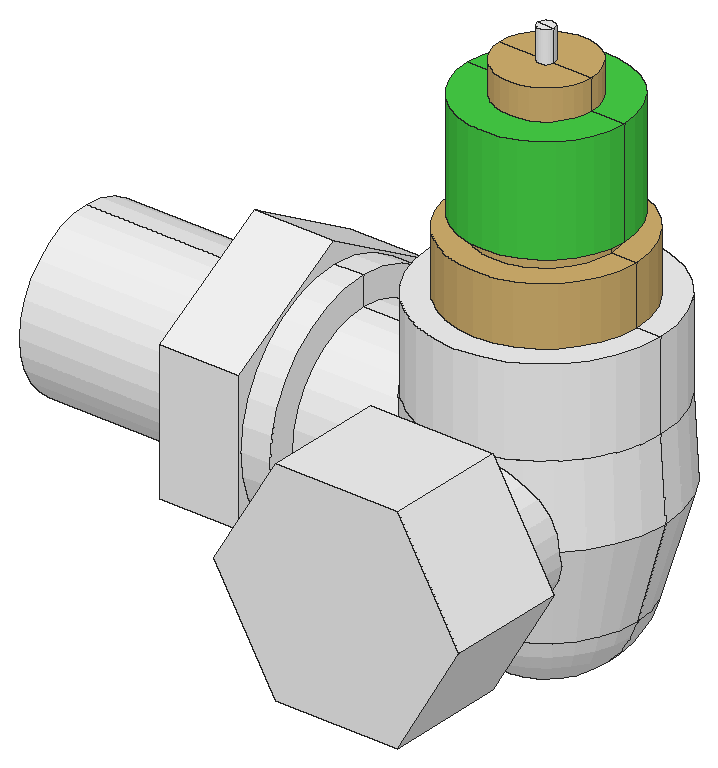
Revit family "RA-DV_Double Angle_Right_DN10-15_RFA", category Pipe Accessories, Revit 2019
Family settings
  Round Connector Dimension = Use Diameter
  Part Type = Valve - Breaks Into
  OmniClass Number = 23.65.55.14.17
  OmniClass Title = Adjusting/Controlling Valves for Liquid Services
  Work Plane-Based = No
  Always vertical = Yes
  Cut with Voids When Loaded = No
  Shared = No
Parameters (values of type "RA-DV_Double Angle_Right_DN15_013G7719")
  Weight = 0.33 kg
  W [instance] = 50.3 mm
  Valve Body Material = Danfoss Nickel Plated Brass
  URL = "https://store.danfoss.com/en/Climate-Solutions-for-heating/Radiator-Thermostats/Radiator-Valves/Build-on-valves/Dynamic-Valves/c/13865?q=%3Arelevance%3Adanfoss_producttypehierarchydesc%3ARA-DV%3Adanfoss_a223339155%3AA223_339155e8a4b9257411af40f22b1cba9d507f15"
  TH8 = 3.85 mm
  TH7 = 3.75 mm
  TH6 = 13.324 mm
  TH5 = 1.826 mm
  TH4 = 7.354 mm
  TH3 = 6.008 mm
  TH2 = 5 mm
  TH1 = 9.942 mm
  Setting Range = "1-7,N"  # constant formula
  SA2 = LR1 + LR2  # 33 mm
  SA1 = LL1 + LL2 + LL3  # 36.7 mm
  RT5 = 14.5 mm
  RT1 = 15.024 mm
  RR5 = 8.25 mm
  RR4 = 11.425 mm
  RR1 = 10.3 mm
  RL4 = 10.5 mm
  RL2 = 14.8 mm
  RL1 = 11.3 mm
  RB2 = 12.006 mm
  RB1 = 11.5 mm
  Pressure Drop [instance] = 0.0 Pa
  Model Type = "RA-DV_Double Angle_Right_DN15"
  Model = "013G7719"
  Min Medium Temperature = "2 °C"  # constant formula
  Min Differential Pressure = "0.1 bar"  # constant formula
  Max Operating Pressure = "10 bar"  # constant formula
  Max Medium Temperature = "95 °C"  # constant formula
  Max Flow (Text) = "135 l/h"  # constant formula
  Max Differential Pressure = "0.6 bar"  # constant formula
  Manufacturer = "Danfoss"  # constant formula
  LR2 = 15 mm
  LR1 = 18 mm
  LOD 350 = not(LOD 200)  # yes
  LOD 200 = no
  LL4 = 21.2 mm
  LL3 = 10 mm
  LL2 = 3.7 mm
  LL1 = 23 mm
  L [instance] = 72.924 mm
  IfcExportType = "RA-DV"  # constant formula
  IfcExportAs = "IfcValveType"  # constant formula
  HexR2 = 15.4 mm
  HexR1 = 17.3 mm
  Hex2 = 26.7 mm
  Hex = 30 mm
  HT = TH1 + TH2 + TH3 + TH4 + TH5  # 30.13 mm
  H [instance] = 72.058 mm
  Flow [instance] = 0.0 L/s
  Description = "Thermostatic Radiator Valve"  # constant formula
  D = 15 mm
  BH2 = 8.731 mm
  BH1 = 12.273 mm
  Application = "2-Pipe System"  # constant formula
Types (3, lengths in mm): name | Weight | W | SA2 | SA1 | RL4 | RL2 | RL1 | Model Type | Model | LR2 | LR1 | LL4 | LL3 | LL2 | LL1 | L | HexR2 | HexR1 | Hex2 | Hex | D
  (no name) | 0.33 kg | 50.3 | 33 | 36.7 | 10.5 | 14.8 | 11.3 | "RA-DV_Double Angle_Right_DN15" | "013G7719" | 15 | 18 | 21.2 | 10 | 3.7 | 23 | 72.924 | 15.4 | 17.3 | 26.7 | 30 | 15
  RA-DV_Double Angle_Right_DN10_013G7717 | 0.28 kg | 42.6 | 27 | 33.3 | 8.3 | 13.2 | 9.75 | "RA-DV_Double Angle_Right_DN10" | "013G7717" | 11.033 | 15.967 | 18.8 | 8.5 | 3.6 | 21.2 | 67.124 | 12.6 | 15.6 | 21.7 | 27 | 10
  RA-DV_Double Angle_Right_DN15_013G7719 | 0.33 kg | 50.3 | 33 | 36.7 | 10.5 | 14.8 | 11.3 | "RA-DV_Double Angle_Right_DN15" | "013G7719" | 15 | 18 | 21.2 | 10 | 3.7 | 23 | 72.924 | 15.4 | 17.3 | 26.7 | 30 | 15
Reference planes
  plane 1 "Center (Front/Back)": y = 0
  plane 2: z = 0
  plane 3 "Center (Left/Right)": x = 0
  plane 4: x = -57.9
  plane 5: x = 9.194
  plane 6: y = 8.994
  plane 7: y = -33
  plane 8: z = 51.054
  plane 9: z = -21.004
  plane 10: x = -36.7
  plane 11 "left": x = -26.7
  plane 12: x = -23
  plane 13 "right": y = -18
  plane 14: z = 47.204
  plane 15: z = 43.454
  plane 16: z = 30.13
  plane 17: z = 28.304
  plane 18 "top": z = 20.95
  plane 19: z = 14.942
  plane 20: z = 9.942
  plane 21: z = -12.273
  plane 22: y = 17.3
  plane 23: x = 15.024
Forms (mm)
  Revolve 1, solid, material "Danfoss Nickel Plated Brass" <- "Valve Body Material", detail levels fine
    sketch origin (0, 0, 0) x (1, 0, 0) y (0, 0, 1)
      loop
        line (-57.9, 10.5) -> (-57.9, 0) -> (-26.7, 0) -> (-26.7, 10.5) -> (-57.9, 10.5)
      axis (-26.7, 0) -> (-57.9, 0)
    angle from 0 to 360
  Revolve 2, solid, material "Danfoss Nickel Plated Brass" <- "Valve Body Material", visible <- "LOD 350", detail levels fine
    sketch origin (0, 0, 0) x (1, 0, 0) y (0, 0, 1)
      loop
        line (-26.7, 14.8) -> (-26.7, 0) -> (-23, 0) -> (-23, 14.8) -> (-26.7, 14.8)
      axis (-23, 0) -> (-26.7, 0)
    angle from 0 to 360
  Revolve 3, solid, material "Danfoss Nickel Plated Brass" <- "Valve Body Material", visible <- "LOD 200", detail levels fine
    sketch origin (0, 0, 0) x (1, 0, 0) y (0, 0, 1)
      loop
        line (-36.7, 17.3) -> (-36.7, 0) -> (-26.7, 0) -> (-26.7, 17.3) -> (-36.7, 17.3)
      axis (-26.7, 0) -> (-36.7, 0)
    angle from 0 to 360
  Revolve 4, solid, material "Danfoss Nickel Plated Brass" <- "Valve Body Material", detail levels fine
    sketch origin (0, 0, 0) x (1, 0, 0) y (0, 0, 1)
      loop
        line (-26.7, 0) -> (0, 0) -> (0, 11.3) -> (-26.7, 11.3) -> (-26.7, 0)
      axis (0, 0) -> (-26.7, 0)
    angle from 0 to 360
  Revolve 5, solid, material "Danfoss Nickel Plated Brass" <- "Valve Body Material", visible <- "LOD 350", detail levels fine
    sketch origin (0, 0, 0) x (1, 0, 0) y (0, 0, 1)
      loop
        line (0, 20.95) -> (0, -21.004)
        arc (0, -21.004) -> (7.209, -18.561) -> (11.5, -12.273) r 12.006
        line (11.5, -12.273) -> (15.024, 0) -> (14.5, 10) -> (14.5, 20.95) -> (0, 20.95)
      axis (0, -21.004) -> (0, 20.95)
    angle from 0 to 360
  Revolve 6, solid, material "Danfoss Nickel Plated Brass" <- "Valve Body Material", detail levels fine
    sketch origin (0, 0, 0) x (0, 1, 0) y (0, 0, 1)
      loop
        line (0, 10.3) -> (-18, 10.3) -> (-18, 0) -> (0, 0) -> (0, 10.3)
      axis (0, 0) -> (-18, 0)
    angle from 0 to 360
  Revolve 7, solid, material "Danfoss Nickel Plated Brass" <- "Valve Body Material", visible <- "LOD 200", detail levels fine
    sketch origin (0, 0, 0) x (0, 1, 0) y (0, 0, 1)
      loop
        line (-18, 15.4) -> (-33, 15.4) -> (-33, 0) -> (-18, 0) -> (-18, 15.4)
      axis (-18, 0) -> (-33, 0)
    angle from 0 to 360
  Revolve 8, solid, material "Danfoss Brass", visible <- "LOD 350", detail levels fine
    sketch origin (0, 0, 0) x (1, 0, 0) y (0, 0, 1)
      loop
        line (0, 20.95) -> (11.425, 20.95) -> (11.425, 28.304) -> (8.25, 28.304) -> (8.25, 30.13) -> (0, 30.13) -> (0, 20.95)
      axis (0, 20.95) -> (0, 30.13)
    angle from 0 to 360
  Extrusion 9, solid, material "Danfoss Nickel Plated Brass" <- "Valve Body Material", visible <- "LOD 350", detail levels fine
    sketch origin (0, 0, 0) x (1, 0, 0) y (0, 0, 1)
      loop
        line (0, 0) -> (-26.7, 0) -> (-26.7, -0.957) -> (-10.199, -17.458)
        arc (-10.199, -17.458) -> (-6.04, -20.166) -> (-1.141, -20.959) r 12
        line (-1.141, -20.959) -> (0, -20.959) -> (0, 0)
    from -2 to 2
  Revolve 10, solid, material "Danfoss Nickel Plated Brass" <- "Valve Body Material", visible <- "LOD 200", detail levels fine
    sketch origin (0, 0, 0) x (1, 0, 0) y (0, 0, 1)
      loop
        line (0, 20.95) -> (0, -21.004)
        arc (0, -21.004) -> (10.624, -16.604) -> (15.024, -5.98) r 15.024
        line (15.024, -5.98) -> (15.024, 20.95) -> (0, 20.95)
      axis (0, 20.95) -> (0, -21.004)
    angle from 0 to 360
  Revolve 11, solid, material "Danfoss Nickel Plated Brass" <- "Valve Body Material", detail levels fine
    sketch origin (0, 0, 0) x (1, 0, 0) y (0, 0, 1)
      loop
        line (-1, 51.054) -> (-1, 47.204) -> (0, 47.204) -> (0, 51.054) -> (-1, 51.054)
      axis (0, 47.204) -> (0, 51.054)
    angle from 0 to 360
  Revolve 12, solid, material "Danfoss Brass", detail levels fine
    sketch origin (0, 0, 0) x (1, 0, 0) y (0, 0, 1)
      loop
        line (0, 47.204) -> (-5.8, 47.204) -> (-5.8, 43.454) -> (0, 43.454) -> (0, 47.204)
      axis (0, 43.454) -> (0, 47.204)
    angle from 0 to 360
  Revolve 13, solid, material "Danfoss Plastic Green", detail levels fine
    sketch origin (0, 0, 0) x (1, 0, 0) y (0, 0, 1)
      loop
        line (0, 43.454) -> (-9.9, 43.454) -> (-9.9, 30.13) -> (0, 30.13) -> (0, 43.454)
      axis (0, 30.13) -> (0, 43.454)
    angle from 0 to 360
  Revolve 14, solid, material "Danfoss Brass", visible <- "LOD 200", detail levels fine
    sketch origin (0, 0, 0) x (1, 0, 0) y (0, 0, 1)
      loop
        line (-11.4, 20.95) -> (0, 20.95) -> (0, 30.13) -> (-11.4, 30.13) -> (-11.4, 20.95)
      axis (0, 20.95) -> (0, 30.13)
    angle from 0 to 360
Dimensions and locks
  plane 8 to plane 9 = 72.058 mm
  "LR1": plane 1 "Center (Front/Back)" to plane 13 "right"
  "LR2": plane 13 "right" to plane 7
  "LL1": plane 3 "Center (Left/Right)" to plane 12
  "LL2": plane 12 to plane 11 "left"
  "LL3": plane 11 "left" to plane 10
  "LL4": plane 10 to plane 4
  "RL4": Revolve 1 sketch curve to level
  "RL2": Revolve 2 sketch curve to level
  "HexR1": Revolve 3 sketch curve to level
  "RL1": Revolve 4 sketch curve to level
  "TH1": plane 20 to level
  "TH2": plane 19 to plane 20
  "TH3": plane 18 "top" to plane 19
  "TH4": plane 17 to plane 18 "top"
  "TH5": plane 16 to plane 17
  "TH6": plane 15 to plane 16
  "TH7": plane 14 to plane 15
  "TH8": plane 8 to plane 14
  "BH1": level to plane 21
  "BH2": plane 21 to plane 9
  "RT5": Revolve 5 sketch curve to plane 3 "Center (Left/Right)"
  "RT1": Revolve 5 sketch curve to plane 3 "Center (Left/Right)"
  "RB1": Revolve 5 sketch curve to plane 3 "Center (Left/Right)"
  "RR1": Revolve 6 sketch curve to level
  "HexR2": Revolve 7 sketch curve to level
  "RR5": Revolve 8 sketch curve to plane 3 "Center (Left/Right)"
  "RR4": Revolve 8 sketch curve to plane 3 "Center (Left/Right)"
  "RT1": nested 2 to Revolve 10 sketch curve
  "RT1": Revolve 10 sketch curve to plane 9
  "H": plane 8 to plane 9
  "RT1": plane 23 to plane 3 "Center (Left/Right)"
  "L": plane 23 to plane 4
  plane 3 "Center (Left/Right)" to Revolve 11 sketch curve = 1 mm
  plane 3 "Center (Left/Right)" to Revolve 12 sketch curve = 5.8 mm
  plane 3 "Center (Left/Right)" to Revolve 13 sketch curve = 9.9 mm
  plane 3 "Center (Left/Right)" to Revolve 14 sketch curve = 11.4 mm
  "HexR1": plane 22 to plane 1 "Center (Front/Back)"
  "W": plane 22 to plane 7
  plane 3 "Center (Left/Right)" to plane 10 = 36.7 mm
  "RB2": radius of Revolve 5 sketch curve
  "RT1": radius of Revolve 10 sketch curve
  aligned and locked: level to plane 2
  aligned and locked: plane 4 to Revolve 1 sketch curve
  aligned and locked: level to Revolve 1 sketch curve
  aligned and locked: plane 2 to Revolve 1 sketch curve
  aligned and locked: plane 11 "left" to Revolve 2 sketch curve
  aligned and locked: Revolve 2 sketch curve to plane 12
  aligned and locked: level to Revolve 2 sketch curve
  aligned and locked: plane 2 to Revolve 2 sketch curve
  aligned and locked: plane 10 to Revolve 3 sketch curve
  aligned and locked: Revolve 3 sketch curve to plane 11 "left"
  aligned and locked: level to Revolve 3 sketch curve
  aligned and locked: plane 2 to Revolve 3 sketch curve
  aligned and locked: plane 3 "Center (Left/Right)" to Revolve 4 sketch curve
  aligned and locked: Revolve 4 sketch curve to level
  aligned and locked: plane 2 to Revolve 4 sketch curve
  aligned and locked: Revolve 4 sketch curve to plane 11 "left"
  aligned and locked: Revolve 1 sketch curve to plane 11 "left"
  aligned and locked: plane 3 "Center (Left/Right)" to Revolve 5 sketch curve
  aligned and locked: Revolve 5 sketch curve to plane 3 "Center (Left/Right)"
  aligned and locked: plane 18 "top" to Revolve 5 sketch curve
  aligned and locked: plane 13 "right" to Revolve 6 sketch curve
  aligned and locked: plane 1 "Center (Front/Back)" to Revolve 6 sketch curve
  aligned and locked: level to Revolve 6 sketch curve  (x2)
  aligned and locked: plane 7 to Revolve 7 sketch curve
  aligned and locked: Revolve 7 sketch curve to plane 13 "right"
  aligned and locked: level to Revolve 7 sketch curve  (x2)
  aligned and locked: level to nested 1
  aligned and locked: level to nested 2
  aligned and locked: nested 2 to Revolve 4
  aligned and locked: plane 1 "Center (Front/Back)" to nested 1
  aligned and locked: plane 3 "Center (Left/Right)" to Revolve 8 sketch curve
  aligned and locked: Revolve 8 sketch curve to plane 17
  aligned and locked: Revolve 8 sketch curve to plane 18 "top"
  aligned and locked: Extrusion 9 sketch curve to plane 3 "Center (Left/Right)"
  aligned and locked: Extrusion 9 sketch curve to level
  aligned and locked: Extrusion 9 sketch curve to plane 11 "left"
  aligned and locked: plane 3 "Center (Left/Right)" to nested 3
  aligned and locked: plane 1 "Center (Front/Back)" to nested 3  (x2)
  aligned and locked: Revolve 10 sketch curve to plane 3 "Center (Left/Right)"
  aligned and locked: Revolve 10 sketch curve to plane 18 "top"
  aligned and locked: nested 2 to Revolve 10 sketch curve
  aligned and locked: Revolve 11 sketch curve to plane 8
  aligned and locked: Revolve 11 sketch curve to plane 14
  aligned and locked: Revolve 11 sketch curve to plane 3 "Center (Left/Right)"
  aligned and locked: plane 3 "Center (Left/Right)" to Revolve 11 sketch curve
  aligned and locked: Revolve 12 sketch curve to plane 3 "Center (Left/Right)"
  aligned and locked: Revolve 12 sketch curve to plane 14
  aligned and locked: Revolve 12 sketch curve to plane 15
  aligned and locked: plane 3 "Center (Left/Right)" to Revolve 12 sketch curve
  aligned and locked: Revolve 13 sketch curve to plane 3 "Center (Left/Right)"
  aligned and locked: Revolve 13 sketch curve to plane 16
  aligned and locked: Revolve 13 sketch curve to plane 15
  aligned and locked: Revolve 13 sketch curve to Revolve 5
  aligned and locked: Revolve 13 sketch curve to Revolve 12
  aligned and locked: plane 3 "Center (Left/Right)" to Revolve 13 sketch curve
  aligned and locked: Revolve 14 sketch curve to plane 18 "top"
  aligned and locked: Revolve 14 sketch curve to plane 16
  aligned and locked: Revolve 14 sketch curve to plane 3 "Center (Left/Right)"
  aligned and locked: Revolve 14 sketch curve to Extrusion 9
  aligned and locked: Revolve 14 sketch curve to Revolve 13
  aligned and locked: Extrusion 9 to Revolve 14 sketch curve
  aligned and locked: Revolve 8 sketch curve to plane 16
  aligned and locked: level to nested 3
Automatic sketch dimensions
  plane 9 to Extrusion 9 sketch curve = 3.546 mm
  Extrusion 9 sketch curve to plane 3 "Center (Left/Right)" = 1.713 mm
  plane 21 to Extrusion 9 sketch curve = 3.3 mm
  Extrusion 9 sketch curve to level = 0.957 mm
  plane 9 to Extrusion 9 sketch curve = 0.045 mm
  Extrusion 9 sketch curve to plane 3 "Center (Left/Right)" = 1.141 mm
  plane 8 to Revolve 11 sketch curve = 2.4 mm
  Revolve 12 sketch curve to plane 8 = 0 mm
  Revolve 11 sketch curve to plane 15 = 0 mm
  Revolve 12 sketch curve to plane 16 = 0 mm
  Revolve 1 sketch curve to plane 4 = 35 mm
  Revolve 1 sketch curve to Revolve 1 sketch curve = 5 mm
  Revolve 2 sketch curve to plane 4 = 9.577 mm
  Revolve 2 sketch curve to Revolve 2 sketch curve = 5 mm
  Revolve 3 sketch curve to plane 4 = 12.192 mm
  Revolve 3 sketch curve to Revolve 3 sketch curve = 3.606 mm
  Revolve 4 sketch curve to plane 4 = 54.1 mm
  Revolve 4 sketch curve to Revolve 4 sketch curve = 6.623 mm
  Revolve 5 sketch curve to plane 9 = 0 mm
  Revolve 5 sketch curve to plane 21 = 0 mm
  level to Revolve 5 sketch curve = 0 mm
  plane 20 to Revolve 5 sketch curve = 0.058 mm
  plane 8 to Revolve 5 sketch curve = 25 mm
  Revolve 5 sketch curve to Revolve 5 sketch curve = 10 mm
  plane 22 to Revolve 6 sketch curve = 1.751 mm
  Revolve 6 sketch curve to Revolve 6 sketch curve = 5 mm
  Revolve 7 sketch curve to plane 7 = 5.806 mm
  Revolve 7 sketch curve to Revolve 7 sketch curve = 5 mm
  Revolve 8 sketch curve to plane 3 "Center (Left/Right)" = 0 mm
  plane 8 to Revolve 8 sketch curve = 5 mm
  Revolve 8 sketch curve to Revolve 8 sketch curve = 3.788 mm
  Revolve 10 sketch curve to plane 9 = 7.748 mm
  Revolve 10 sketch curve to Revolve 10 sketch curve = 3.304 mm
Nested families
  nested 1: "Hexagon" at (-26.7, 0, 0) x (0, 0, 1) z (-1, 0, 0), h <- "LL3", a <- "Hex", visible <- "LOD 350", Body Material <- "Valve Body Material", type "Hexagon"
    with h 10 mm, b 15 mm, a 30 mm, Body Material Danfoss Nickel Plated Brass
  nested 2: "Hexagon" at (0, -18, 0) x (-1, 0, 0) z (0, -1, 0), h <- "LR2", a <- "Hex2", visible <- "LOD 350", Body Material <- "Valve Body Material", type "Hexagon"
    with h 15 mm, b 13.35 mm, a 26.7 mm, Body Material Danfoss Nickel Plated Brass
  nested 3: "Schematic_Pressure Independent TRV_Angle Right" at (0, 0, 0), type "Schematic_Pressure Independent TRV_Angle Right", detail levels coarse+medium
    with L2 33 mm, L 36.7 mm, LA_1 2.472 mm, L1/3 24.467 mm, HT 30.13 mm, HA_2 17.8 mm, HA_1 4.45 mm, HA 22.25 mm, LA 18.078 mm, L1/9 8.156 mm, L1 73.4 mm, D 26.7 mm
Connectors
  piping at (-36.7, 0, 0), diameter 15, driven by "D", driven by "Flow"
    settings: on nested 1, index 1, connector inside diameter 609.6 mm, connector length 0 mm, flow factor 0, pipe flow 0.0 L/s, pressure drop 0.0 Pa, fitting loss kfactor 0, connector angle 0.00°, fixture units 0, engagement length 0 mm, angle of deflection 0.00°, flow configuration 0, flow direction 2, fitting loss method 0, system type 29, joint type 0, gender type 0, connector reference index 2, connector utility 0, adjustable connector no, is connector primary no, connector description ""
  piping at (0, -33, 0), diameter 15, driven by "D", driven by "Flow"
    settings: on nested 2, index 2, connector inside diameter 609.6 mm, connector length 0 mm, flow factor 0, pipe flow 0.0 L/s, pressure drop 0.0 Pa, fitting loss kfactor 0, connector angle 0.00°, fixture units 0, engagement length 0 mm, angle of deflection 0.00°, flow configuration 0, flow direction 1, fitting loss method 0, system type 29, joint type 0, gender type 0, connector reference index 1, connector utility 0, adjustable connector no, is connector primary yes, connector description ""
Definition of nested family "Hexagon"
  Parameters (values of type "Hexagon")
    h [instance] = 4 mm
    b [instance] = a / 2  # 10 mm
    a [instance] = 20 mm
    Default Elevation = 1219.2 mm
    Body Material [instance] = none
  Reference planes
    plane 1 "Center (Front/Back)": y = 0
    plane 2: z = 0
    plane 3 "Center (Left/Right)": x = 0
    plane 4: z = 4
  Forms (mm)
    Extrusion 1, solid
      sketch origin (0, 0, 0) x (1, 0, 0) y (0, 1, 0)
        loop
          line (-1219.2, 1219.2) -> (-1219.2, -1219.2) -> (1219.2, -1219.2) -> (1219.2, 1219.2) -> (-1219.2, 1219.2)
      from 0 to -304.8
    Extrusion 2, solid, material <- "Body Material", detail levels fine
      sketch origin (0, 0, 0) x (1, 0, 0) y (0, 1, 0)
        loop
          line (5.774, 10) -> (-5.774, 10) -> (-11.547, 0) -> (-5.774, -10) -> (5.774, -10) -> (11.547, 0) -> (5.774, 10)
      from 0 to 4
  Lines and regions (mm)
    reference lines
      curve 1: line (125, -216.506, 0) -> (-125, 216.506, 0)
      curve 2: line (-125, -216.506, 0) -> (125, 216.506, 0)
  Dimensions and locks
    "h": plane 4 to level
    "b": curve 1 to Extrusion 2 sketch curve
    "b": Extrusion 2 sketch curve to curve 1
    "b": Extrusion 2 sketch curve to curve 2  (x2)
    "b": plane 1 "Center (Front/Back)" to Extrusion 2 sketch curve
    "b": Extrusion 2 sketch curve to plane 1 "Center (Front/Back)"
    aligned and locked: plane 2 to Extrusion 1
    aligned and locked: level to Extrusion 1
    aligned and locked: plane 4 to Extrusion 2
  Automatic sketch dimensions
    Extrusion 1 sketch curve to Extrusion 1 sketch curve = 2438.4 mm  (x2)
    curve 1 to plane 3 "Center (Left/Right)" = 125 mm
    plane 1 "Center (Front/Back)" to curve 2 = 216.506 mm
    curve 2 to plane 3 "Center (Left/Right)" = 125 mm
    plane 3 "Center (Left/Right)" to curve 2 = 125 mm
    plane 3 "Center (Left/Right)" to curve 1 = 125 mm
    plane 1 "Center (Front/Back)" to curve 1 = 216.506 mm
    curve 2 to plane 1 "Center (Front/Back)" = 216.506 mm
    curve 1 to plane 1 "Center (Front/Back)" = 216.506 mm
Definition of nested family "Schematic_Pressure Independent TRV_Angle Right"
  Parameters (values of type "Schematic_Pressure Independent TRV_Angle Right")
    L2 = 40 mm
    L = 40 mm
    LA_1 = 1 / 9 * HA  # 2.778 mm
    L1/3 = 1 / 3 * L1  # 26.667 mm
    HT = 35 mm
    HA_2 = 4 / 5 * HA  # 20 mm
    HA_1 = 1 / 5 * HA  # 5 mm
    HA = 5 / 6 * D  # 25 mm
    LA = 3 / 5 * HT  # 21 mm
    L1/9 = 1 / 9 * L1  # 8.889 mm
    L1 = L * 2  # 80 mm
    D = 30 mm
  Reference planes
    plane 1 "Center (Front/Back)": y = 0
    plane 2: z = 0
    plane 3 "Center (Left/Right)": x = 0
    plane 4: z = 15
    plane 5: z = -15
    plane 6: x = -40
    plane 7: y = 15
    plane 8: y = -15
    plane 9: x = -10.5
    plane 10: x = 10.5
    plane 11 "centerline": z = 0
    plane 12: z = -7.5
    plane 13: z = 13.333
    plane 14: z = -13.333
    plane 15: x = 40
    plane 16: z = 35
    plane 17: y = 13.333
    plane 18: y = -13.333
    plane 19: x = -30
    plane 20: x = 31.111
    plane 21: x = 22.222
    plane 22: y = -30
    plane 23: z = 15
    plane 24: z = -15
    plane 25: y = -40
    plane 26: y = -23.71
    plane 27: x = -15
    plane 28: x = 15
    plane 29: y = 35
    plane 30: x = -10.5
    plane 31: x = 10.5
  Lines and regions (mm)
    model lines
      curve 1: line (0, 0, 35) -> (0, 0, 0)
      curve 2: line (10.5, 0, 35) -> (-10.5, 0, 35)
      curve 3: line (-30, 0, 0) -> (-40, 0, 0)
      curve 4: line (0, 0, 0) -> (-30, 0, 15)
      curve 5: line (-30, 0, 15) -> (-30, 0, -15)
      curve 6: line (-30, 0, -15) -> (0, 0, 0)
      curve 7: line (0, 0, 0) -> (22.222, 0, 0)
      curve 8: line (31.111, 0, -13.333) -> (31.111, 0, 13.333)
      curve 9: spline (31.111, 0, -13.333) -> (33.412, 0, -12.879) -> (35.556, 0, -11.547) -> (37.397, 0, -9.428) -> (38.809, 0, -6.667) -> (39.697, 0, -3.451) -> (40, 0, 0) -> (39.697, 0, 3.451) -> (38.809, 0, 6.667) -> (37.397, 0, 9.428) -> (35.556, 0, 11.547) -> (33.412, 0, 12.879) -> (31.111, 0, 13.333) -> (28.81, 0, 12.879) -> (26.667, 0, 11.547) -> (24.826, 0, 9.428) -> (23.413, 0, 6.667) -> (22.525, 0, 3.451) -> (22.222, 0, 0) -> (22.525, 0, -3.451) -> (23.413, 0, -6.667) -> (24.826, 0, -9.428) -> (26.667, 0, -11.547) -> (28.81, 0, -12.879) -> (31.111, 0, -13.333)
      curve 10: line (0, -30, 15) -> (0, -30, -15)
      curve 11: line (0, -30, 15) -> (0, 0, 0)
      curve 12: line (0, -30, -15) -> (0, 0, 0)
      curve 13: line (0, -40, 0) -> (0, -30, 0)
    symbolic lines
      curve 14: line (0, 0, 0) -> (-30, 15, 0)
      curve 15: line (-30, 15, 0) -> (-30, -15, 0)
      curve 16: line (-30, -15, 0) -> (0, 0, 0)
      curve 17: line (-30, 0, 0) -> (-40, 0, 0)
      curve 18: spline (31.111, -13.333, 0) -> (33.412, -12.879, 0) -> (35.556, -11.547, 0) -> (37.397, -9.428, 0) -> (38.809, -6.667, 0) -> (39.697, -3.451, 0) -> (40, 0, 0) -> (39.697, 3.451, 0) -> (38.809, 6.667, 0) -> (37.397, 9.428, 0) -> (35.556, 11.547, 0) -> (33.412, 12.879, 0) -> (31.111, 13.333, 0) -> (28.81, 12.879, 0) -> (26.667, 11.547, 0) -> (24.826, 9.428, 0) -> (23.413, 6.667, 0) -> (22.525, 3.451, 0) -> (22.222, 0, 0) -> (22.525, -3.451, 0) -> (23.413, -6.667, 0) -> (24.826, -9.428, 0) -> (26.667, -11.547, 0) -> (28.81, -12.879, 0) -> (31.111, -13.333, 0)
      curve 19: line (0, 0, 0) -> (22.222, 0, 0)
      curve 20: line (31.111, -13.333, 0) -> (31.111, 13.333, 0)
      curve 21: line (-15, -30, 0) -> (0, 0, 0)
      curve 22: line (0, 0, 0) -> (15, -30, 0)
      curve 23: line (15, -30, 0) -> (-15, -30, 0)
      curve 24: line (0, -40, 0) -> (0, -30, 0)
      curve 25: line (0, 0, 0) -> (0, 35, 0)
      curve 26: line (-10.5, 35, 0) -> (10.5, 35, 0)
  Dimensions and locks
    "D": plane 4 to plane 5
    equal spacing: plane 4, level, plane 5
    "D": plane 8 to plane 7
    equal spacing: plane 8, plane 1 "Center (Front/Back)", plane 7
    "LA": plane 10 to plane 9
    equal spacing: plane 10, plane 3 "Center (Left/Right)", plane 9
    "L1/3": plane 13 to plane 14
    equal spacing: plane 13, level, plane 14
    "L": plane 15 to plane 3 "Center (Left/Right)"
    "L": plane 3 "Center (Left/Right)" to plane 6
    "L1/3": plane 17 to plane 18
    equal spacing: plane 17, plane 1 "Center (Front/Back)", plane 18
    "D": plane 3 "Center (Left/Right)" to plane 19
    equal spacing: plane 15, plane 20, plane 21
    "L1/9": plane 15 to plane 20
    "D": plane 22 to plane 1 "Center (Front/Back)"
    equal spacing: plane 23, level, plane 24
    "D": plane 23 to plane 24
    "L2": plane 25 to plane 1 "Center (Front/Back)"
    "D": plane 27 to plane 28
    equal spacing: plane 27, plane 3 "Center (Left/Right)", plane 28
    "HT": plane 16 to level
    "HT": plane 1 "Center (Front/Back)" to plane 29
    equal spacing: plane 30, plane 3 "Center (Left/Right)", plane 31
    "LA": plane 30 to plane 31
    aligned and locked: level to plane 2
    aligned and locked: curve 3 to level
    aligned and locked: plane 16 to curve 2
    aligned and locked: curve 1 to plane 3 "Center (Left/Right)"
    aligned and locked: plane 19 to curve 5
    aligned and locked: plane 5 to curve 6
    aligned and locked: plane 4 to curve 4
    aligned and locked: plane 6 to curve 3
    aligned and locked: plane 19 to curve 3
    aligned and locked: curve 7 to level
    aligned and locked: plane 3 "Center (Left/Right)" to curve 7
    aligned and locked: plane 21 to curve 7
    aligned and locked: plane 20 to curve 8
    aligned and locked: plane 14 to curve 8
    aligned and locked: plane 13 to curve 8
    aligned and locked: plane 22 to curve 10
    aligned and locked: plane 24 to curve 10
    aligned and locked: plane 23 to curve 10
    aligned and locked: curve 13 to level
    aligned and locked: plane 25 to curve 13
    aligned and locked: plane 22 to curve 13
    aligned and locked: plane 6 to curve 17
    aligned and locked: plane 19 to curve 17
    aligned and locked: plane 19 to curve 15
    aligned and locked: plane 7 to curve 15
    aligned and locked: plane 8 to curve 15
    aligned and locked: plane 3 "Center (Left/Right)" to curve 19
    aligned and locked: plane 21 to curve 19
    aligned and locked: plane 20 to curve 20
    aligned and locked: plane 18 to curve 20
    aligned and locked: plane 17 to curve 20
    aligned and locked: plane 25 to curve 24
    aligned and locked: plane 22 to curve 24
    aligned and locked: plane 16 to curve 1
  Automatic sketch dimensions
    curve 9 to plane 20 = 0 mm
    curve 12 to level = 0 mm
    curve 12 to plane 1 "Center (Front/Back)" = 0 mm
    curve 2 to plane 10 = 0 mm
    curve 2 to plane 9 = 0 mm
    curve 21 to plane 27 = 0 mm
    curve 24 to plane 3 "Center (Left/Right)" = 0 mm
    curve 22 to plane 28 = 0 mm
    curve 18 to plane 20 = 0 mm
    plane 1 "Center (Front/Back)" to curve 17 = 0 mm
    curve 26 to plane 9 = 0 mm
    curve 26 to plane 10 = 0 mm
    curve 26 to plane 29 = 0 mm
    plane 1 "Center (Front/Back)" to curve 19 = 0 mm
    curve 25 to plane 29 = 0 mm
